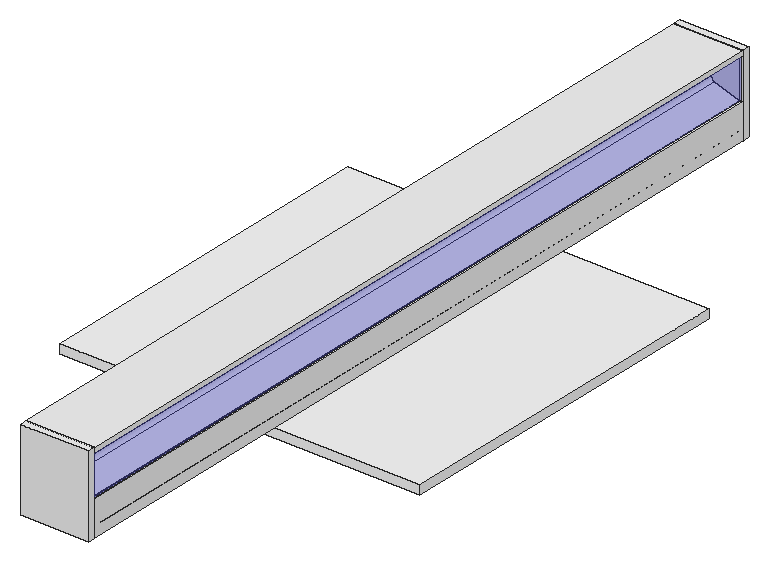
Revit family "BE_50801.1_de_DE", category Leuchten, Revit 2020
Family settings
  Basisbauteil = Fläche
  Bemaßung runder Anschluss = Durchmesser verwenden
  Teiletyp = Normal
  Beim Laden mit Abzugskörper schneiden = Ja
  Lichtquelle = Ja
  Gemeinsam genutzt = Nein
  Raumberechnungspunkt = Ja
Parameters (values of type "BEGA_50801.1_K3")
  built-in parameter 1150104 = 13.783 (stored number, unit not read)
  Wattage = 35.4 W
  Default Elevation = 0 mm
  built-in parameter 1150113 = 1 (stored number, unit not read)
  built-in parameter 1114218 = 1 (stored number, unit not read)
  Umgebungstemperatur = "25 °C"
  URL = "https://www.bega.com/de/produkt/50801.1"
  Typenkommentare = "© 2023 BEGA. Wir behalten uns das Recht vor, technische Änderungen ohne vorherige Ankündigung vorzunehmen."  # constant formula
  built-in parameter 1150134 = (empty or 0)
  built-in parameter 1150109 = 1 (stored number, unit not read)
  Strom = ""
  built-in parameter 1150110 = 1 (stored number, unit not read)
  Spannung = 239.996 V
  Sonderanfertigung = no
  Seriennummer [instance] = "Hier können Sie die eindeutige Seriennummer für das Facility Management eintragen."
  Schutzklasse = "I"
  Schutzart = "IP 20"
  Scheinlast = 0 VA
  Produktdatenblatt = "https://cdn.bega.com/bega/products/50801.1K3/current/documents/data-sheets/de"
  Oberflächentemperatur = ""
  Neigungswinkel = 0.00°
  Modell = "50801.1K3"
  Material_34 = BEGA_Oberfläche_Samtweiss_matt
  Material_14 = BEGA_Kunststoff_opal
  M_W = no
  M_G = no
  M_A = no
  Logo = 0
  built-in parameter 1114217 = 1 (stored number, unit not read)
  built-in parameter 1150139 = (empty or 0)
  built-in parameter 1150105 = 417.94 (stored number, unit not read)
  built-in parameter 1150114 = 1 (stored number, unit not read)
  Lumens = 5251.94 lm
  built-in parameter 1150115 = 1 (stored number, unit not read)
  Leuchtenlichtstrom = "4305 lm"
  Leuchtenanzahl = ""
  Lebensdauerkriterien = "L70B50 @ 25 °C = 160000 h"
  Lastklassifizierung = Beleuchtung
  built-in parameter 1150112 = 1 (stored number, unit not read)
  Lampenlichtstrom = "5250 lm"
  Lampe = "LED 35.4 W"
  LED_Modulbezeichnung = "6x LED-1050/930"
  Hersteller = "BEGA"  # constant formula
  Halbstreuwinkel = ""
  Gewicht = "5.6 kg"
  Gebrauchslageneinschränkung [instance] = ""
  Frequenz = "0/50-60 Hz"
  Farbwiedergabeindex = "CRI > 90"
  Farbtemperaturverschiebung bei Dämpfen der Lampe = <Keine Auswahl>
  Farbtemperatur = "3000 K"
  Color Filter = 16777215
  built-in parameter 1150133 = 10 (stored number, unit not read)
  Energieeffizienzklasse = "LED A++ - A"
  built-in parameter 1150137 = (empty or 0)
  built-in parameter 1150132 = (empty or 0)
  ENEC = "ja"
  Dimmbar [instance] = "DALI"
  Datei für fotometrisches Netz = "BE_50801K3.ies"
  CE_Konformität = "ja"
  Bestellnummer = "50801.1K3"
  Beschreibung_Sonderanfertigung = "Hier können Sie Informationen zur Sonderanfertigung eintragen."
  Beschreibung = "Wandleuchte"
  built-in parameter 1150106 = 4.1794 (stored number, unit not read)
  Befestigungsbohrung = "Ø 5,5 mm"
  Befestigungsabstand = "860 mm"
  Ballwurfsicher = ""
  BEGA_Intern_aus = yes
  BEGA_Intern_an = yes
  BEGA_Intern_Konstruktion = yes
  BEGA_Intern = yes
  BEGA_IES = yes
  BEGA_Dummy = no
  Anschlussleitung = ""
  Anschlussleistung [instance] = "39 W"
  Anschlusskasten = ""
  built-in parameter 1150107 = 3000 (stored number, unit not read)
  built-in parameter 1150102 = (empty or 0)
  built-in parameter 1150138 = (empty or 0)
  Aktualisierung = "2023-04-18T04:00:04"
  Abstand_zur_angestrahlten_Fläche [instance] = ""
  AC/DC = "AC/DC"
Reference planes
  plane 1 "Mitte (Vorne/Hinten)": y = 0
  plane 2: z = 0
  plane 3 "Mitte (Links/Rechts)": x = 0
  plane 4 "Links": x = -38
  plane 5 "Rechts": x = 38
  plane 6 "Unten": y = -457.856
  plane 7 "Oben": y = 458.144
  plane 8 "Vorne": z = 90
  plane 9 "Hinten": z = 0
Forms (mm)
  Extrusion 1, solid, material "BEGA_Platte_Weiss"
    sketch origin (0, -1119.2, 0) x (1, 0, 0) y (0, 1, 0)
      loop
        line (-200, 1319.2) -> (-200, 919.2) -> (200, 919.2) -> (200, 1319.2) -> (-200, 1319.2)
    from 0 to -10
  Extrusion 2, solid, material "BEGA_Dummy_matt", visible <- "BEGA_Dummy"
    sketch origin (80.095, -76.023, 0) x (1, 0, 0) y (0, 1, 0)
      loop
        line (-118.095, 534.167) -> (-118.095, -381.833) -> (-42.095, -381.833) -> (-42.095, 534.167) -> (-118.095, 534.167)
    from 0 to 90
Dimensions and locks
  plane 1 "Mitte (Vorne/Hinten)" to Extrusion 1 = 200 mm
  aligned and locked: Extrusion 1 to plane 2
  aligned and locked: Extrusion 1 to level
  aligned and locked: Extrusion 2 to nested 1
Nested families
  nested 1: "BE_50801.1_Leuchte" at (0, 0, 0), type "BE_50801.1_Leuchte"
Connectors
  electrical at (0, 0, 0), driven by "Lastklassifizierung", driven by "Spannung", driven by "Scheinlast"
    settings: index 1, voltage 239.996 V, apparent load 0 VA, apparent load phase1 0 VA, apparent load phase2 0 VA, apparent load phase3 0 VA, power factor 1, load classification "Beleuchtung", number of poles 1, system type 31, power factor state 1, is connector primary yes, connector utility no, sub classification motor no, connector description ""
Definition of nested family "BE_50801.1_Leuchte"
  Parameters (values of type "BE_50801.1_Leuchte")
    Default Elevation = 1 mm
    URL = "http://www.bega.de/de/produkt"
    Type Comments = "© 2015 BEGA. Wir behalten uns das Recht vor, technische Änderungen ohne vorherige Ankündigung vorzunehmen. "  # constant formula
    Type Image = (empty or 0)
    Material_34 = none
    Material_14 = none
    Länge_Platte = 200 mm  # constant formula
    Höhe_Platte = -10 mm  # constant formula
    Manufacturer = "BEGA"  # constant formula
    Breite_Platte = 200 mm  # constant formula
  Reference planes
    plane 1 "Mitte (Oben/Unten)": y = 0
    plane 2: z = 0
    plane 3 "Mitte (Links/Rechts)": x = 0
    plane 4: y = 458.144
    plane 5: x = 38
    plane 6: y = -457.856
    plane 7: x = -38
    plane 8: z = 90
  Forms (mm)
    Extrusion 1, solid, detail levels medium
      sketch origin (0, 0, 0) x (1, 0, 0) y (0, 1, 0)
        loop
          line (-100, 100) -> (-100, -100) -> (100, -100) -> (100, 100) -> (-100, 100)
      from 0 to -10 <- "Höhe_Platte"
    Extrusion 2, solid, material <- "Material_34"
      sketch origin (0, 0, 0) x (1, 0, 0) y (0, 0, 1)
        loop
          line (26, 0) -> (34, 0) -> (34, 2.5) -> (30.5, 2.5) -> (30.5, 5.902) -> (33.2, 7.461)
          arc (33.2, 7.461) -> (33.8, 8.5) -> (33.2, 9.539) r 1.2
          line (33.2, 9.539) -> (32.472, 9.96) -> (28, 10)
          arc (28, 10) -> (27.646, 9.854) -> (27.5, 9.5) r 0.5
          line (27.5, 9.5) -> (27.5, 8) -> (-24, 8) -> (-24, 9.5)
          arc (-24, 9.5) -> (-24.146, 9.854) -> (-24.5, 10) r 0.5
          line (-24.5, 10) -> (-27.252, 10) -> (-28.075, 8.575) -> (-26, 6.5) -> (-26, 4.5) -> (-28, 2.5) -> (-33, 2.5) -> (-33, 0) -> (-25, 0) -> (-22.402, 4.5) -> (23.402, 4.5) -> (26, 0)
      from -450.144 to 449.856
    Extrusion 3, solid, material <- "Material_34"
      sketch origin (0, 0, 0) x (1, 0, 0) y (0, 0, 1)
        loop
          line (6.609, 47.762) -> (34.4, 39) -> (34.4, 37.196) -> (36, 37.231) -> (36, 39) -> (38, 39) -> (38, 0.5) -> (35, 0.5) -> (35, 2.5) -> (31.5, 2.5) -> (31.5, 6.568) -> (34.5, 8.3) -> (34.5, 10.8) -> (31.5, 12.532) -> (31.5, 34.7) -> (21.034, 38) -> (-21.034, 38) -> (-31.5, 34.7) -> (-31.5, 2.5) -> (-35, 2.5) -> (-35, 0.509) -> (-38, 0.499) -> (-38, 39) -> (-36, 39) -> (-36, 37.23) -> (-34.4, 37.196) -> (-34.4, 39) -> (-32.888, 39.477) -> (-6.481, 47.803)
          arc (-6.481, 47.803) -> (-3.963, 49.616) -> (-3, 52.567) r 5
          line (-3, 52.567) -> (-3, 84.133) -> (-8.5, 83.995) -> (-8.5, 78.89)
          arc (-8.5, 78.89) -> (-8.713, 78.48) -> (-9.171, 78.42) r 0.5
          line (-9.171, 78.42) -> (-27.25, 85) -> (-34.4, 85) -> (-34.4, 86.804) -> (-35.888, 86.771) -> (-36.012, 85.026) -> (-38, 84.997) -> (-38, 90) -> (38, 90) -> (38, 85) -> (36.014, 85) -> (35.888, 86.771) -> (34.4, 86.805) -> (34.4, 85) -> (27.25, 85) -> (9.171, 78.42)
          arc (9.171, 78.42) -> (8.713, 78.48) -> (8.5, 78.89) r 0.5
          line (8.5, 78.89) -> (8.5, 84) -> (3, 84.007) -> (3, 70.92) -> (3, 52.567)
          arc (3, 52.567) -> (3.968, 49.61) -> (6.497, 47.798) r 5
      from -450.144 to 449.856
    Extrusion 4, solid, material <- "Material_14"
      sketch origin (0, 0, 0) x (1, 0, 0) y (0, 0, 1)
        loop
          line (34.5, 86.55) -> (34.5, 37.75) -> (36, 37.75) -> (36, 39.3) -> (37.491, 39.3) -> (37.5, 85) -> (36, 85) -> (36, 86.55) -> (34.5, 86.55)
        loop
          line (-34.5, 86.55) -> (-36, 86.55) -> (-36, 85) -> (-37.5, 85) -> (-37.5, 39.3) -> (-36, 39.3) -> (-36, 37.75) -> (-34.5, 37.75) -> (-34.5, 86.55)
      from -450.144 to 449.856
    Extrusion 5, solid, material <- "Material_34"
      sketch origin (0, 0, 0) x (1, 0, 0) y (0, 1, 0)
        loop
          line (-37.994, -450.726) -> (-37.869, -457.856) -> (37.869, -457.856) -> (37.994, -450.726) -> (37.172, -450.726) -> (37.172, -449.856) -> (-0.439, -449.856) -> (-37.172, -449.856) -> (-37.172, -450.726) -> (-37.994, -450.726)
      from 0 to 90
    Extrusion 6, solid, material <- "Material_34"
      sketch origin (0, 0, 0) x (1, 0, 0) y (0, 1, 0)
        loop
          line (-37.869, 458.144) -> (-37.993, 451.065) -> (-37.124, 451.065) -> (-37.124, 450.144) -> (-0.419, 450.144) -> (37.124, 450.144) -> (37.124, 451.065) -> (37.993, 451.065) -> (37.869, 458.144) -> (-37.869, 458.144)
      from 0 to 90
    Extrusion 7, void
      sketch origin (0, 0, 0) x (1, 0, 0) y (0, 1, 0)
        loop
          arc (8, -427.106) -> (5.25, -429.856) -> (8, -432.606) r 2.75
          line (8, -432.606) -> (13, -432.606)
          arc (13, -432.606) -> (15.75, -429.856) -> (13, -427.106) r 2.75
          line (13, -427.106) -> (8, -427.106)
        loop
          arc (7.5, 116.144) -> (13.157, 118.487) -> (15.5, 124.144) r 8
          line (15.5, 124.144) -> (15.5, 258.144)
          arc (15.5, 258.144) -> (13.157, 263.801) -> (7.5, 266.144) r 8
          line (7.5, 266.144) -> (-6.5, 266.144)
          arc (-6.5, 266.144) -> (-12.157, 263.801) -> (-14.5, 258.144) r 8
          line (-14.5, 258.144) -> (-14.5, 124.144)
          arc (-14.5, 124.144) -> (-12.157, 118.487) -> (-6.5, 116.144) r 8
          line (-6.5, 116.144) -> (7.5, 116.144)
        loop
          arc (7.75, 427.644) -> (10.5, 424.894) -> (13.25, 427.644) r 2.75
          line (13.25, 427.644) -> (13.25, 432.644)
          arc (13.25, 432.644) -> (10.5, 435.394) -> (7.75, 432.644) r 2.75
          line (7.75, 432.644) -> (7.75, 427.644)
      from 4.5 to 8
  Cuts and joins
    Extrusion 7 cuts Extrusion 2
    Extrusion 7 cuts Extrusion 3
  Dimensions and locks
    equal spacing: Extrusion 1 sketch curve, plane 3 "Mitte (Links/Rechts)", Extrusion 1 sketch curve
    equal spacing: Extrusion 1 sketch curve, plane 1 "Mitte (Oben/Unten)", Extrusion 1 sketch curve
    "Länge_Platte": Extrusion 1 sketch curve to Extrusion 1 sketch curve
    "Breite_Platte": Extrusion 1 sketch curve to Extrusion 1 sketch curve
    plane 1 "Mitte (Oben/Unten)" to Extrusion 1 = 100 mm  (x3)
    aligned and locked: Extrusion 1 to plane 2
    aligned and locked: Extrusion 1 to level
    aligned and locked: Extrusion 3 to Extrusion 2  (x2)
    aligned and locked: Extrusion 4 to Extrusion 2  (x2)
    aligned and locked: Extrusion 3 to Extrusion 6
    aligned and locked: Extrusion 5 to Extrusion 3
    aligned and locked: Extrusion 2 to Extrusion 7
  Automatic sketch dimensions
    plane 3 "Mitte (Links/Rechts)" to Extrusion 2 sketch curve = 23.402 mm
    Extrusion 2 sketch curve to Extrusion 2 sketch curve = 2.598 mm
    Extrusion 2 sketch curve to Extrusion 2 sketch curve = 8 mm
    level to Extrusion 2 sketch curve = 9.96 mm
    Extrusion 2 sketch curve to Extrusion 2 sketch curve = 0.128 mm
    Extrusion 2 sketch curve to Extrusion 2 sketch curve = 1.46 mm
    Extrusion 2 sketch curve to Extrusion 2 sketch curve = 4.472 mm
    Extrusion 2 sketch curve to Extrusion 2 sketch curve = 2.1 mm
    level to Extrusion 2 sketch curve = 5.902 mm
    Extrusion 2 sketch curve to Extrusion 2 sketch curve = 0.728 mm
    Extrusion 2 sketch curve to Extrusion 2 sketch curve = 0.6 mm
    level to Extrusion 2 sketch curve = 9.539 mm
    Extrusion 2 sketch curve to Extrusion 2 sketch curve = 0 mm  (x3)
    level to Extrusion 2 sketch curve = 7.461 mm
    Extrusion 2 sketch curve to Extrusion 2 sketch curve = 3.5 mm
    Extrusion 2 sketch curve to Extrusion 2 sketch curve = 2.5 mm  (x2)
    Extrusion 2 sketch curve to Extrusion 2 sketch curve = 0.5 mm  (x2)
    Extrusion 2 sketch curve to Extrusion 2 sketch curve = 1.5 mm  (x2)
    level to Extrusion 2 sketch curve = 9.5 mm
    Extrusion 2 sketch curve to plane 3 "Mitte (Links/Rechts)" = 24.5 mm
    Extrusion 2 sketch curve to Extrusion 2 sketch curve = 2.752 mm
    Extrusion 2 sketch curve to Extrusion 2 sketch curve = 5.748 mm
    Extrusion 2 sketch curve to Extrusion 2 sketch curve = 5 mm
    Extrusion 2 sketch curve to Extrusion 2 sketch curve = 0.823 mm
    level to Extrusion 2 sketch curve = 8.575 mm
    level to Extrusion 2 sketch curve = 4.5 mm  (x2)
    Extrusion 2 sketch curve to Extrusion 2 sketch curve = 2 mm
    level to Extrusion 2 sketch curve = 6.5 mm
    level to Extrusion 2 sketch curve = 0 mm
    Extrusion 2 sketch curve to Extrusion 2 sketch curve = 3 mm
    Extrusion 2 sketch curve to Extrusion 2 sketch curve = 3.598 mm
    Extrusion 2 sketch curve to level = 0 mm
    level to Extrusion 3 sketch curve = 0.5 mm
    Extrusion 3 sketch curve to Extrusion 3 sketch curve = 3 mm  (x4)
    plane 3 "Mitte (Links/Rechts)" to Extrusion 3 sketch curve = 8 mm
    Extrusion 3 sketch curve to Extrusion 3 sketch curve = 0.5 mm  (x3)
    level to Extrusion 3 sketch curve = 8.3 mm
    level to Extrusion 3 sketch curve = 10.8 mm
    level to Extrusion 3 sketch curve = 6.568 mm
    level to Extrusion 3 sketch curve = 12.532 mm
    Extrusion 3 sketch curve to Extrusion 3 sketch curve = 1.6 mm  (x2)
    Extrusion 3 sketch curve to Extrusion 3 sketch curve = 2 mm  (x2)
    Extrusion 3 sketch curve to Extrusion 3 sketch curve = 22.168 mm
    Extrusion 3 sketch curve to Extrusion 3 sketch curve = 0.035 mm  (x2)
    Extrusion 3 sketch curve to Extrusion 3 sketch curve = 1.769 mm
    Extrusion 3 sketch curve to Extrusion 3 sketch curve = 1.804 mm  (x2)
    Extrusion 3 sketch curve to Extrusion 3 sketch curve = 8.762 mm
    Extrusion 3 sketch curve to Extrusion 3 sketch curve = 18.353 mm
    Extrusion 3 sketch curve to Extrusion 3 sketch curve = 7.97 mm
    Extrusion 3 sketch curve to Extrusion 3 sketch curve = 5.5 mm  (x2)
    Extrusion 3 sketch curve to Extrusion 3 sketch curve = 0.171 mm  (x2)
    Extrusion 3 sketch curve to Extrusion 3 sketch curve = 0 mm  (x8)
    Extrusion 3 sketch curve to Extrusion 3 sketch curve = 18.75 mm  (x2)
    Extrusion 3 sketch curve to Extrusion 3 sketch curve = 6.58 mm
    Extrusion 3 sketch curve to Extrusion 3 sketch curve = 5.11 mm
    Extrusion 3 sketch curve to Extrusion 3 sketch curve = 0.007 mm
    Extrusion 3 sketch curve to Extrusion 3 sketch curve = 5.117 mm
    Extrusion 3 sketch curve to Extrusion 3 sketch curve = 7.15 mm  (x2)
    Extrusion 3 sketch curve to Extrusion 3 sketch curve = 1.986 mm
    Extrusion 3 sketch curve to Extrusion 3 sketch curve = 5.105 mm
    Extrusion 3 sketch curve to Extrusion 3 sketch curve = 0.003 mm
    Extrusion 3 sketch curve to Extrusion 3 sketch curve = 5.003 mm
    Extrusion 3 sketch curve to plane 3 "Mitte (Links/Rechts)" = 8 mm
    Extrusion 3 sketch curve to plane 3 "Mitte (Links/Rechts)" = 3 mm
    Extrusion 3 sketch curve to Extrusion 3 sketch curve = 1.519 mm
    Extrusion 3 sketch curve to Extrusion 3 sketch curve = 0.138 mm
    Extrusion 3 sketch curve to plane 3 "Mitte (Links/Rechts)" = 38 mm
    level to Extrusion 3 sketch curve = 0.499 mm
    level to Extrusion 3 sketch curve = 0.509 mm
    Extrusion 3 sketch curve to Extrusion 3 sketch curve = 2.281 mm
    Extrusion 3 sketch curve to Extrusion 3 sketch curve = 1.77 mm
    Extrusion 3 sketch curve to Extrusion 3 sketch curve = 2.9 mm  (x2)
    Extrusion 3 sketch curve to Extrusion 3 sketch curve = 11.854 mm
    Extrusion 3 sketch curve to plane 3 "Mitte (Links/Rechts)" = 21.034 mm
    Extrusion 3 sketch curve to Extrusion 3 sketch curve = 1.991 mm
    Extrusion 3 sketch curve to Extrusion 3 sketch curve = 2.496 mm  (x2)
    Extrusion 3 sketch curve to Extrusion 3 sketch curve = 1.477 mm
    plane 3 "Mitte (Links/Rechts)" to Extrusion 3 sketch curve = 3 mm
    Extrusion 3 sketch curve to Extrusion 3 sketch curve = 0.113 mm
    Extrusion 3 sketch curve to Extrusion 3 sketch curve = 5 mm
    Extrusion 3 sketch curve to Extrusion 3 sketch curve = 1.614 mm
    Extrusion 3 sketch curve to Extrusion 3 sketch curve = 1.488 mm  (x2)
    Extrusion 3 sketch curve to Extrusion 3 sketch curve = 1.771 mm
    Extrusion 3 sketch curve to Extrusion 3 sketch curve = 1.805 mm
    Extrusion 3 sketch curve to Extrusion 3 sketch curve = 1.988 mm
    Extrusion 3 sketch curve to Extrusion 3 sketch curve = 0.125 mm
    Extrusion 3 sketch curve to Extrusion 3 sketch curve = 0.029 mm
    Extrusion 3 sketch curve to Extrusion 3 sketch curve = 1.745 mm
    Extrusion 3 sketch curve to Extrusion 3 sketch curve = 0.033 mm
    Extrusion 3 sketch curve to Extrusion 3 sketch curve = 1.391 mm
    Extrusion 3 sketch curve to Extrusion 3 sketch curve = 10.466 mm
    Extrusion 3 sketch curve to Extrusion 3 sketch curve = 32.2 mm
    Extrusion 3 sketch curve to Extrusion 3 sketch curve = 0.041 mm
    Extrusion 3 sketch curve to Extrusion 3 sketch curve = 14.425 mm
    plane 3 "Mitte (Links/Rechts)" to Extrusion 4 sketch curve = 34.5 mm
    level to Extrusion 4 sketch curve = 86.55 mm
    Extrusion 4 sketch curve to Extrusion 4 sketch curve = 1.5 mm  (x6)
    level to Extrusion 4 sketch curve = 37.75 mm  (x2)
    Extrusion 4 sketch curve to Extrusion 4 sketch curve = 2.991 mm
    Extrusion 4 sketch curve to Extrusion 4 sketch curve = 1.55 mm  (x4)
    Extrusion 4 sketch curve to plane 3 "Mitte (Links/Rechts)" = 34.5 mm
    Extrusion 4 sketch curve to Extrusion 4 sketch curve = 0 mm
    Extrusion 5 sketch curve to plane 3 "Mitte (Links/Rechts)" = 37.994 mm
    Extrusion 5 sketch curve to Extrusion 5 sketch curve = 0.124 mm  (x2)
    Extrusion 5 sketch curve to Extrusion 5 sketch curve = 0.822 mm  (x2)
    plane 3 "Mitte (Links/Rechts)" to Extrusion 5 sketch curve = 37.869 mm
    plane 1 "Mitte (Oben/Unten)" to Extrusion 5 sketch curve = 457.856 mm
    Extrusion 5 sketch curve to Extrusion 5 sketch curve = 7.131 mm
    Extrusion 5 sketch curve to Extrusion 5 sketch curve = 0 mm
    Extrusion 5 sketch curve to Extrusion 5 sketch curve = 0.869 mm
    Extrusion 5 sketch curve to Extrusion 5 sketch curve = 36.733 mm
    Extrusion 6 sketch curve to plane 3 "Mitte (Links/Rechts)" = 37.993 mm
    Extrusion 6 sketch curve to Extrusion 6 sketch curve = 0.124 mm
    Extrusion 6 sketch curve to Extrusion 6 sketch curve = 0.868 mm  (x2)
    plane 3 "Mitte (Links/Rechts)" to Extrusion 6 sketch curve = 37.869 mm
    Extrusion 6 sketch curve to plane 1 "Mitte (Oben/Unten)" = 450.144 mm
    Extrusion 6 sketch curve to Extrusion 6 sketch curve = 0.921 mm  (x2)
    Extrusion 6 sketch curve to Extrusion 6 sketch curve = 7.079 mm
    Extrusion 6 sketch curve to Extrusion 6 sketch curve = 36.705 mm
    Extrusion 6 sketch curve to Extrusion 6 sketch curve = 37.543 mm
    plane 3 "Mitte (Links/Rechts)" to Extrusion 7 sketch curve = 8 mm
    plane 1 "Mitte (Oben/Unten)" to Extrusion 7 sketch curve = 429.856 mm
    Extrusion 7 sketch curve to Extrusion 7 sketch curve = 2.75 mm  (x2)
    Extrusion 7 sketch curve to Extrusion 7 sketch curve = 5 mm  (x2)
    plane 3 "Mitte (Links/Rechts)" to Extrusion 7 sketch curve = 7.5 mm  (x2)
    Extrusion 7 sketch curve to plane 1 "Mitte (Oben/Unten)" = 116.144 mm
    Extrusion 7 sketch curve to Extrusion 7 sketch curve = 8 mm
    Extrusion 7 sketch curve to plane 3 "Mitte (Links/Rechts)" = 6.5 mm  (x2)
    Extrusion 7 sketch curve to Extrusion 7 sketch curve = 134 mm
    Extrusion 7 sketch curve to Extrusion 7 sketch curve = 0 mm  (x3)
    plane 3 "Mitte (Links/Rechts)" to Extrusion 7 sketch curve = 10.5 mm
    Extrusion 7 sketch curve to Extrusion 7 sketch curve = 161.5 mm
